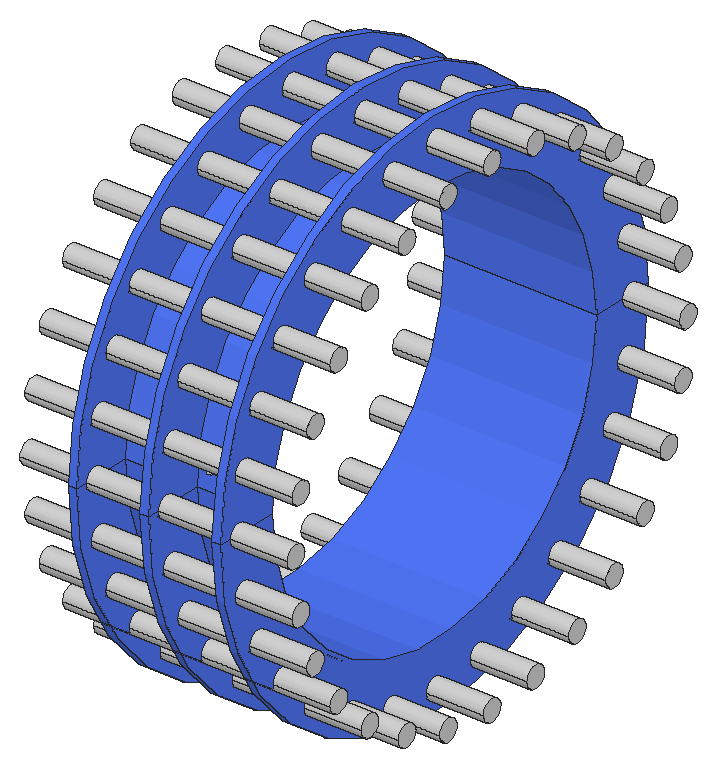
Revit family "873-00-002-DN900-1000", category Generic Models, Revit 2019
Family settings
  Can host rebar = No
  Round Connector Dimension = Use Diameter
  Part Type = Normal
  Work Plane-Based = No
  Always vertical = Yes
  Cut with Voids When Loaded = No
  Shared = No
  Room Calculation Point = No
Parameters (values of type "DN1000")
  d2 = size_lookup(Search_table, "d2", 0 mm, DN) / 2  # 660 mm
  d1 = size_lookup(Search_table, "d1", 0 mm, DN)  # 1210 mm
  URL product pages = "https://www.avkvalves.com/P.aspx?no=873004000741000"
  T = size_lookup(Search_table, "T", 0 mm, DN)  # 52 mm
  L = size_lookup(Search_table, "L", 0 mm, DN)  # 660 mm
  Id(Radius) = DN / 2  # 500 mm
  Flange_thickness = 20 mm  # constant formula
  Description_ = "AVK DISMANTLING JOINT"
  DN = 1000 mm
  Search_table = "873-00-002-DN900-1000"
  Body_Wallthicknss = 10 mm  # constant formula
  Angle = 22.50°  # constant formula
  A = size_lookup(Search_table, "A", 0 mm, DN)  # 375 mm
  873-1000-00-741000 = "DN1000_PN25"
  873-0900-00-741000 = "DN900_PN25"
Types (3, lengths in mm): name | d2 | d1 | T | L | Id(Radius) | DN | A
  (no name) | 660 | 1210 | 52 | 660 | 500 | 1000 | 375
  DN0900 | 592.5 | 1090 | 45 | 620 | 450 | 900 | 355
  DN1000 | 660 | 1210 | 52 | 660 | 500 | 1000 | 375
Reference planes
  plane 1 "Center (Front/Back)": y = 0
  plane 2: z = 0
  plane 3 "Center (Left/Right)": x = 0
  plane 4: y = 32.5
  plane 5: y = -30
  plane 6: z = 605
  plane 7: z = -605
  plane 8: y = 605
  plane 9: y = -605
  plane 10: x = -330
  plane 11: x = 330
  plane 12: through (0, 0, 0) normal (0, 0.9749, 0.2225)
  plane 13: through (0, 0, 0) normal (0, 0.901, 0.4339)
  plane 14: through (0, 0, 0) normal (0, 0.7818, 0.6235)
  plane 15: through (0, 0, 0) normal (0, 0.6235, 0.7818)
  plane 16: through (0, 0, 0) normal (0, 0.2225, 0.9749)
  plane 17: through (0, 0, 0) normal (0, 0.9749, -0.2225)
  plane 18: through (0, 0, 0) normal (0, 0.901, -0.4339)
  plane 19: through (0, 0, 0) normal (0, 0.7818, -0.6235)
  plane 20: through (0, 0, 0) normal (0, 0.4339, -0.901)
  plane 21: through (0, 0, 0) normal (0, 0.2225, -0.9749)
  plane 22: through (0, 0, 0) normal (0, 0.4339, 0.901)
  plane 23: through (0, 0, 0) normal (0, 0.6235, -0.7818)
  plane 24: x = -187.5
  plane 25: x = 187.5
  plane 26: z = 660
  plane 27: z = -660
Forms (mm)
  Revolve 1, solid, material "Plastic"
    sketch origin (0, 0, 0) x (1, 0, 0) y (0, 1, 0)
      loop
        line (-167.5, 660) -> (-187.5, 660) -> (-187.5, 500) -> (187.5, 500) -> (187.5, 660) -> (167.5, 660) -> (167.5, 510) -> (10, 510) -> (10, 660) -> (-10, 660) -> (-10, 510) -> (-167.5, 510) -> (-167.5, 660)
      axis (-187.5, 0) -> (187.5, 0)
    angle from 0 to 360
  Extrusion 2, solid, material "Stainless Steel AISI 304"
    sketch origin (0, 0, 0) x (0, 1, 0) y (0, 0, 1)
      loop
        circle (0, 605) r 26
      loop
        circle (-605, 0) r 26
      loop
        circle (0, -605) r 26
      loop
        circle (605, 0) r 26
      loop
        circle (262.5, 545.086) r 26
      loop
        circle (377.211, 473.008) r 26
      loop
        circle (473.008, 377.211) r 26
      loop
        circle (545.086, 262.5) r 26
      loop
        circle (589.831, 134.625) r 26
      loop
        circle (589.831, -134.625) r 26
      loop
        circle (545.086, -262.5) r 26
      loop
        circle (473.008, -377.211) r 26
      loop
        circle (377.211, -473.008) r 26
      loop
        circle (262.5, -545.086) r 26
      loop
        circle (134.625, -589.831) r 26
      loop
        circle (-134.625, -589.831) r 26
      loop
        circle (-262.5, -545.086) r 26
      loop
        circle (-377.211, -473.008) r 26
      loop
        circle (-473.008, -377.211) r 26
      loop
        circle (-545.086, -262.5) r 26
      loop
        circle (-589.831, -134.625) r 26
      loop
        circle (-589.831, 134.625) r 26
      loop
        circle (-545.086, 262.5) r 26
      loop
        circle (-473.008, 377.211) r 26
      loop
        circle (-377.211, 473.008) r 26
      loop
        circle (-262.5, 545.086) r 26
      loop
        circle (-134.625, 589.831) r 26
      loop
        circle (134.625, 589.831) r 26
    from -330 to 330
Dimensions and locks
  "Flange_thickness": Revolve 1 sketch curve to Revolve 1 sketch curve  (x3)
  equal spacing: Revolve 1 sketch curve, plane 3 "Center (Left/Right)", Revolve 1 sketch curve  (x2)
  "A": Revolve 1 sketch curve to Revolve 1 sketch curve
  "Id(Radius)": plane 1 "Center (Front/Back)" to Revolve 1 sketch curve
  "Body_Wallthicknss": Revolve 1 sketch curve to Revolve 1 sketch curve
  "d2": plane 1 "Center (Front/Back)" to Revolve 1 sketch curve
  equal spacing: plane 6, level, plane 7
  equal spacing: plane 8, plane 1 "Center (Front/Back)", plane 9
  "d1": plane 8 to plane 9
  "d1": plane 6 to plane 7
  equal spacing: plane 11, plane 3 "Center (Left/Right)", plane 10
  "L": plane 11 to plane 10
  equal spacing: Extrusion 2 sketch curve, level, Extrusion 2 sketch curve
  "d1": Extrusion 2 sketch curve to Extrusion 2 sketch curve  (x14)
  equal spacing: Extrusion 2 sketch curve, plane 1 "Center (Front/Back)", Extrusion 2 sketch curve
  equal spacing: Extrusion 2 sketch curve, plane 12, Extrusion 2 sketch curve
  equal spacing: Extrusion 2 sketch curve, plane 13, Extrusion 2 sketch curve
  equal spacing: Extrusion 2 sketch curve, plane 14, Extrusion 2 sketch curve
  equal spacing: Extrusion 2 sketch curve, plane 15, Extrusion 2 sketch curve
  equal spacing: Extrusion 2 sketch curve, plane 22, Extrusion 2 sketch curve
  equal spacing: Extrusion 2 sketch curve, plane 16, Extrusion 2 sketch curve
  equal spacing: Extrusion 2 sketch curve, plane 17, Extrusion 2 sketch curve
  equal spacing: Extrusion 2 sketch curve, plane 18, Extrusion 2 sketch curve
  equal spacing: Extrusion 2 sketch curve, plane 19, Extrusion 2 sketch curve
  equal spacing: Extrusion 2 sketch curve, plane 23, Extrusion 2 sketch curve
  equal spacing: Extrusion 2 sketch curve, plane 20, Extrusion 2 sketch curve
  equal spacing: Extrusion 2 sketch curve, plane 21, Extrusion 2 sketch curve
  equal spacing: plane 25, plane 3 "Center (Left/Right)", plane 24
  "A": plane 25 to plane 24
  plane 6 to plane 7 = 1210 mm
  equal spacing: plane 26, level, plane 27
  "d2": level to plane 27
  plane 26 to plane 27 = 1320 mm
  "T": diameter of Extrusion 2 sketch curve  (x28)
  equal spacing: plane 1 "Center (Front/Back)", plane 17, plane 18, plane 19, plane 23, plane 20, plane 21, level
  equal spacing: level, plane 16, plane 22, plane 15, plane 14, plane 13, plane 12, plane 1 "Center (Front/Back)"
  aligned and locked: level to plane 2
  aligned and locked: Revolve 1 sketch curve to Revolve 1 sketch curve  (x3)
  aligned and locked: plane 1 "Center (Front/Back)" to Revolve 1 sketch curve
  aligned and locked: Extrusion 2 to plane 10
  aligned and locked: Extrusion 2 to plane 11
Automatic sketch dimensions
  Revolve 1 sketch curve to plane 3 "Center (Left/Right)" = 37.5 mm
  plane 3 "Center (Left/Right)" to Revolve 1 sketch curve = 37.5 mm
  plane 21 to Extrusion 2 sketch curve = 0 mm  (x2)
  Extrusion 2 sketch curve to plane 16 = 0 mm  (x2)
  plane 20 to Extrusion 2 sketch curve = 0 mm  (x2)
  Extrusion 2 sketch curve to plane 22 = 0 mm  (x2)
  plane 23 to Extrusion 2 sketch curve = 0 mm  (x2)
  Extrusion 2 sketch curve to plane 15 = 0 mm  (x2)
  plane 19 to Extrusion 2 sketch curve = 0 mm  (x2)
  Extrusion 2 sketch curve to plane 14 = 0 mm  (x2)
  plane 18 to Extrusion 2 sketch curve = 0 mm  (x2)
  Extrusion 2 sketch curve to plane 13 = 0 mm  (x2)
  Extrusion 2 sketch curve to plane 12 = 0 mm  (x2)
  plane 17 to Extrusion 2 sketch curve = 0 mm  (x2)
  Extrusion 2 sketch curve to plane 1 "Center (Front/Back)" = 0 mm  (x2)
  Extrusion 2 sketch curve to level = 0 mm  (x2)
Nested families
  nested 1: "LOGO 4" at (83.289, -508.544, 38.515) x (1, 0, 0) z (0, -0.9971, 0.0755), type "LOGO 4"
Connectors
  piping at (187.5, 0, 0), diameter 1000, driven by "DN"
    settings: on Revolve 1, index 1, connector inside diameter 609.6 mm, connector length 0 mm, flow factor 0, pipe flow 0.0 L/s, pressure drop 0.0 Pa, fitting loss kfactor 0, connector angle 0.00°, fixture units 0, engagement length 0 mm, angle of deflection 0.00°, flow configuration 0, flow direction 0, fitting loss method 0, system type 7, joint type 0, gender type 0, connector reference index -1, connector utility 0, adjustable connector no, is connector primary yes, connector description ""
  piping at (-187.5, 0, 0), diameter 1000, driven by "DN"
    settings: on Revolve 1, index 2, connector inside diameter 609.6 mm, connector length 0 mm, flow factor 0, pipe flow 0.0 L/s, pressure drop 0.0 Pa, fitting loss kfactor 0, connector angle 0.00°, fixture units 0, engagement length 0 mm, angle of deflection 0.00°, flow configuration 0, flow direction 0, fitting loss method 0, system type 7, joint type 0, gender type 0, connector reference index -1, connector utility 0, adjustable connector no, is connector primary no, connector description ""
Definition of nested family "LOGO 4"
  Parameters
    Default Elevation = 1219.2 mm
  Reference planes
    plane 1 "Center (Front/Back)": y = 0
    plane 2: z = 0
    plane 3 "Center (Left/Right)": x = 0
  Forms (mm)
    Extrusion 1, solid
      sketch origin (0, 0, 0) x (1, 0, 0) y (0, 1, 0)
        loop
          line (-1219.2, 1219.2) -> (-1219.2, -1219.2) -> (1219.2, -1219.2) -> (1219.2, 1219.2) -> (-1219.2, 1219.2)
      from 0 to -304.8
    Extrusion 2, solid
      sketch origin (0, 0, 0) x (1, 0, 0) y (0, 1, 0)
        loop
          line (-13.414, 47.067) -> (-49.421, 47.067) -> (-49.421, 37.301) -> (-20.11, 37.301) -> (-4.923, 0) -> (4.923, 0) -> (20.11, 37.301) -> (49.421, 37.301) -> (49.421, 47.067) -> (13.414, 47.067) -> (0, 14.12) -> (-13.414, 47.067)
        loop
          line (-49.421, 24.122) -> (-40.161, 24.122) -> (-49.421, 0) -> (-38.959, 0) -> (-36.972, 5.177) -> (-21.641, 5.177) -> (-19.533, 0) -> (-8.989, 0) -> (-22.642, 33.536) -> (-49.421, 33.536) -> (-49.421, 24.122)
        loop
          line (-34.548, 14.12) -> (-25.282, 14.12) -> (-30.051, 25.833) -> (-34.548, 14.12)
        loop
          line (22.642, 33.536) -> (8.989, 0) -> (19.533, 0) -> (24.902, 13.186) -> (34.838, 0) -> (47.067, 0) -> (35.829, 14.914)
          arc (35.829, 14.914) -> (42.384, 18.149) -> (46.597, 24.122) r 14.826
          line (46.597, 24.122) -> (49.421, 24.122) -> (49.421, 33.536) -> (40.007, 33.536)
          arc (40.007, 33.536) -> (36.577, 25.039) -> (28.208, 21.306) r 12.238
          line (28.208, 21.306) -> (33.187, 33.536) -> (22.642, 33.536)
      from 0 to 1
  Dimensions and locks
    aligned and locked: plane 2 to Extrusion 1
    aligned and locked: level to Extrusion 1
